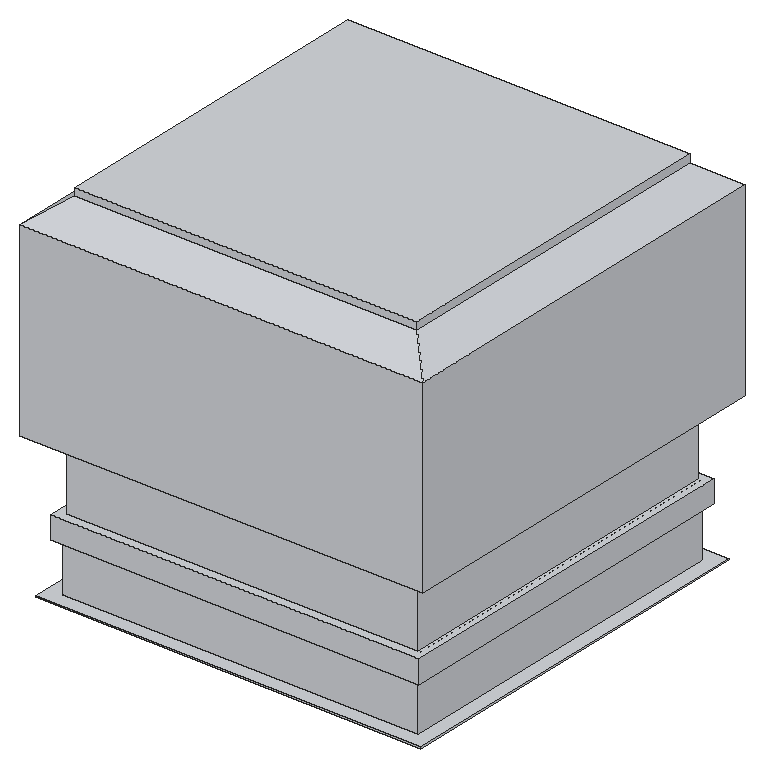
Revit family "ETS", category Mechanical Equipment, Revit 2019
Family settings
  Round Connector Dimension = Use Diameter
  Part Type = Normal
  Work Plane-Based = No
  Always vertical = Yes
  Cut with Voids When Loaded = No
  Shared = No
  Room Calculation Point = No
Parameters (values of type "36_ETS")
  Unit Weight [instance] = ""
  Sones [instance] = ""
  RO/2 = RO / 2  # 1' - 9 3/4"
  Motor RPM [instance] = ""
  Motor Enclosure [instance] = ""
  ModelID [instance] = ""
  LwA [instance] = ""
  CURB_HEIGHT [instance] = 0' - 9 1/2"
  CURB [instance] = yes
  C/2 = A_ / 2  # 2' - 2 3/8"
  D/2 = A__ / 2  # 2' - 2 3/8"
  RO = T_SQ - 0' 4 1/2"  # 3' - 7 1/2"
  T_SQ/2 = T_SQ / 2  # 2' - 0"
  Fan RPM [instance] = ""
  T_SQ = 4' - 0"
  Accessories [instance] = ""
  A_ = A__  # 4' - 4 3/4"
  A__ = 4' - 4 3/4"
  B/2 = C / 2  # 0' - 6 1/4"
  C = 1' - 0 1/2"
  Brake Hp [instance] = ""
  G/2 = G / 2  # 0' - 1 1/2"
  G-.125" = G - 0' 0 1/8"  # 0' - 2 7/8"
  B-G = C - G  # 0' - 9 1/2"
  A-B = B - C  # 2' - 4 3/4"
  G = 0' - 3"
  A/2 = B / 2  # 1' - 8 5/8"
  A-1.5" = B - 0' 1 1/2"  # 3' - 3 3/4"
  B = 3' - 5 1/4"
  4" = 0' - 4"  # constant formula
  2' = 2' - 0"
  2" = 0' - 2"  # constant formula
  1" = 0' - 1"  # constant formula
  0 = 0' - 0"  # constant formula
  Voltage [instance] = 0 V
  URL = "www.lorencook.com"
  Type Comments = "Tiered Filterd Supply Ventilator Roof Mounted/Belt Drive"  # constant formula
  Static Pressure [instance] = 0.00 in-wg
  Power [instance] = Voltage * Motor FLA * sqrt(if(Phase = 3, 3, 1))  # 0 VA
  Phase [instance] = 0
  Number of Poles [instance] = 1
  Motor Hp [instance] = "0"
  Motor FLA [instance] = 0 A
  Model = "ETS"  # constant formula
  Manufacturer = "Loren Cook Company"
  CFM [instance] = 0 CFM
  1.5 = 0' - 1 1/2"  # constant formula
  ONE EIGTH = 0' - 0 1/8"  # constant formula
  -D/2 = -A__ / 2  # -2' - 2 3/8"
  -(B/2) = -(C / 2)  # -0' - 6 1/4"
  -(A/2) = -(B / 2)  # -1' - 8 5/8"
  (T_SQ/2)-2" = (T_SQ / 2) - 0' 2"  # 1' - 10"
  (T_SQ/2)-1" = (T_SQ / 2) - 0' 1"  # 1' - 11"
  (T_SQ/2)+.125" = (T_SQ / 2) + 0' 0 1/8"  # 2' - 0 1/8"
  (A-B)/2 = (B - C) / 2  # 1' - 2 3/8"
Types (8): name | RO/2 | C/2 | D/2 | RO | T_SQ/2 | T_SQ | A_ | A__ | B/2 | C | B-G | A-B | A/2 | A-1.5" | B | -D/2 | -(B/2) | -(A/2) | (T_SQ/2)-2" | (T_SQ/2)-1" | (T_SQ/2)+.125" | (A-B)/2
  (no name) | 1' - 9 3/4" | 2' - 2 3/8" | 2' - 2 3/8" | 3' - 7 1/2" | 2' - 0" | 4' - 0" | 4' - 4 3/4" | 4' - 4 3/4" | 0' - 6 1/4" | 1' - 0 1/2" | 0' - 9 1/2" | 2' - 4 3/4" | 1' - 8 5/8" | 3' - 3 3/4" | 3' - 5 1/4" | -2' - 2 3/8" | -0' - 6 1/4" | -1' - 8 5/8" | 1' - 10" | 1' - 11" | 2' - 0 1/8" | 1' - 2 3/8"
  24_ETS | 1' - 3 3/4" | 1' - 8 3/8" | 1' - 8 3/8" | 2' - 7 1/2" | 1' - 6" | 3' - 0" | 3' - 4 3/4" | 3' - 4 3/4" | 0' - 6 1/4" | 1' - 0 1/2" | 0' - 9 1/2" | 1' - 9 3/4" | 1' - 5 1/8" | 2' - 8 3/4" | 2' - 10 1/4" | -1' - 8 3/8" | -0' - 6 1/4" | -1' - 5 1/8" | 1' - 4" | 1' - 5" | 1' - 6 1/8" | 0' - 10 7/8"
  30_ETS | 1' - 6 3/4" | 1' - 11 3/8" | 1' - 11 3/8" | 3' - 1 1/2" | 1' - 9" | 3' - 6" | 3' - 10 3/4" | 3' - 10 3/4" | 0' - 6 1/4" | 1' - 0 1/2" | 0' - 9 1/2" | 1' - 9 3/4" | 1' - 5 1/8" | 2' - 8 3/4" | 2' - 10 1/4" | -1' - 11 3/8" | -0' - 6 1/4" | -1' - 5 1/8" | 1' - 7" | 1' - 8" | 1' - 9 1/8" | 0' - 10 7/8"
  36_ETS | 1' - 9 3/4" | 2' - 2 3/8" | 2' - 2 3/8" | 3' - 7 1/2" | 2' - 0" | 4' - 0" | 4' - 4 3/4" | 4' - 4 3/4" | 0' - 6 1/4" | 1' - 0 1/2" | 0' - 9 1/2" | 2' - 4 3/4" | 1' - 8 5/8" | 3' - 3 3/4" | 3' - 5 1/4" | -2' - 2 3/8" | -0' - 6 1/4" | -1' - 8 5/8" | 1' - 10" | 1' - 11" | 2' - 0 1/8" | 1' - 2 3/8"
  42_ETS | 2' - 0 3/4" | 2' - 5 3/8" | 2' - 5 3/8" | 4' - 1 1/2" | 2' - 3" | 4' - 6" | 4' - 10 3/4" | 4' - 10 3/4" | 0' - 8 1/8" | 1' - 4 1/4" | 1' - 1 1/4" | 2' - 4 3/4" | 1' - 10 1/2" | 3' - 7 1/2" | 3' - 9" | -2' - 5 3/8" | -0' - 8 1/8" | -1' - 10 1/2" | 2' - 1" | 2' - 2" | 2' - 3 1/8" | 1' - 2 3/8"
  48_ETS | 2' - 3 3/4" | 2' - 8 3/8" | 2' - 8 3/8" | 4' - 7 1/2" | 2' - 6" | 5' - 0" | 5' - 4 3/4" | 5' - 4 3/4" | 0' - 8 1/8" | 1' - 4 1/4" | 1' - 1 1/4" | 2' - 11 3/4" | 2' - 2" | 4' - 2 1/2" | 4' - 4" | -2' - 8 3/8" | -0' - 8 1/8" | -2' - 2" | 2' - 4" | 2' - 5" | 2' - 6 1/8" | 1' - 5 7/8"
  54_ETS | 2' - 6 3/4" | 2' - 11 3/8" | 2' - 11 3/8" | 5' - 1 1/2" | 2' - 9" | 5' - 6" | 5' - 10 3/4" | 5' - 10 3/4" | 0' - 8 5/8" | 1' - 5 1/4" | 1' - 2 1/4" | 3' - 3 1/4" | 2' - 4 1/4" | 4' - 7" | 4' - 8 1/2" | -2' - 11 3/8" | -0' - 8 5/8" | -2' - 4 1/4" | 2' - 7" | 2' - 8" | 2' - 9 1/8" | 1' - 7 5/8"
  60_ETS | 2' - 9 3/4" | 3' - 2 3/8" | 3' - 2 3/8" | 5' - 7 1/2" | 3' - 0" | 6' - 0" | 6' - 4 3/4" | 6' - 4 3/4" | 0' - 8 5/8" | 1' - 5 1/4" | 1' - 2 1/4" | 3' - 10 1/4" | 2' - 7 3/4" | 5' - 2" | 5' - 3 1/2" | -3' - 2 3/8" | -0' - 8 5/8" | -2' - 7 3/4" | 2' - 10" | 2' - 11" | 3' - 0 1/8" | 1' - 11 1/8"
Reference planes (in)
  plane 1 "Center (Front/Back)": y = 0
  plane 2: z = 0
  plane 3 "Center (Left/Right)": x = 0.40541
Forms (in)
  Extrusion 1, solid
    sketch origin (0, 0, 0) x (1, 0, 0) y (0, 1, 0)
      loop
        line (-23.71959, 24.125) -> (-23.71959, -24.125) -> (24.53041, -24.125) -> (24.53041, 24.125) -> (-23.71959, 24.125)
    from 0 to 3 <- "G"
  Extrusion 2, void
    sketch origin (0, 0, 0) x (1, 0, 0) y (0, 1, 0)
      loop
        line (-23.59459, 24) -> (-23.59459, -24) -> (24.40541, -24) -> (24.40541, 24) -> (-23.59459, 24)
    from 0 to 2.875 <- "G-.125""
  Revolve 3, solid
    sketch origin (0, 0, 0) x (1, 0, 0) y (0, 0, 1)
      loop
        line (0.40541, 3) -> (22.40541, 3)
        arc (22.40541, 3) -> (17.65541, 7.75) -> (22.40541, 12.5) r 4.75
        line (22.40541, 12.5) -> (0.40541, 12.5) -> (0.40541, 3)
      axis (0.40541, 12.5) -> (0.40541, 3)
    angle from 0 to 360
  Extrusion 4, solid
    sketch origin (0, 0, 0) x (1, 0, 0) y (0, 0, 1)
      loop
        line (-25.96959, 12.5) -> (26.78041, 12.5) -> (26.78041, 41.25) -> (-25.96959, 41.25) -> (-25.96959, 12.5)
    from -26.375 <- "-D/2" to 26.375 <- "D/2"
  Extrusion 5, solid
    sketch origin (0, 0, 0) x (1, 0, 0) y (0, 1, 0)
      loop
        line (-22.59459, 23) -> (-22.59459, -23) -> (23.40541, -23) -> (23.40541, 23) -> (-22.59459, 23)
    from 3 <- "G" to 12.5 <- "C"
  Sweep 6, void
    path origin (0, 0, 0) x (1, 0, 0) y (0, 1, 0)
      loop
        line (-25.96959, 26.375) -> (-25.96959, -26.375) -> (26.78041, -26.375) -> (26.78041, 26.375) -> (-25.96959, 26.375)
    profile origin (0.40541, 26.375, 0) x (0, 1, 0) y (0, 0, 1)
      loop
        line (0, 41.25) -> (-4, 41.25) -> (-4, 40.25) -> (0, 37.25) -> (0, 41.25)
  Extrusion 7, solid, visible <- "CURB"
    sketch origin (0, 0, 2.875) x (0, 1, 0) y (1, 0, 0)
      loop
        line (-21.75, -21.34459) -> (21.75, -21.34459) -> (21.75, 22.15541) -> (-21.75, 22.15541) -> (-21.75, -21.34459)
      loop
        line (23.25, 23.65541) -> (-23.25, 23.65541) -> (-23.25, -22.84459) -> (23.25, -22.84459) -> (23.25, 23.65541)
    from 0 to 9.5 <- "CURB_HEIGHT"
  Extrusion 8, solid, visible <- "CURB"
    sketch origin (0, 0, -6.625) x (-1, 0, 0) y (0, 1, 0)
      loop
        line (22.84459, -23.25) -> (22.84459, 23.25) -> (-23.65541, 23.25) -> (-23.65541, -23.25) -> (22.84459, -23.25)
      loop
        line (-25.65541, 25.25) -> (-25.65541, -25.25) -> (24.84459, -25.25) -> (24.84459, 25.25) -> (-25.65541, 25.25)
    from 0 to -0.125
Cuts and joins
  Extrusion 2 cuts Extrusion 1
  Sweep 6 cuts Extrusion 4
Dimensions and locks (in)
  "(T_SQ/2)+.125"": Extrusion 1 sketch curve to plane 3 "Center (Left/Right)"
  "(T_SQ/2)+.125"": plane 3 "Center (Left/Right)" to Extrusion 1 sketch curve
  "(T_SQ/2)+.125"": plane 1 "Center (Front/Back)" to Extrusion 1 sketch curve
  "(T_SQ/2)+.125"": Extrusion 1 sketch curve to plane 1 "Center (Front/Back)"
  "T_SQ/2": Extrusion 2 sketch curve to plane 3 "Center (Left/Right)"
  "T_SQ/2": plane 3 "Center (Left/Right)" to Extrusion 2 sketch curve
  "T_SQ/2": plane 1 "Center (Front/Back)" to Extrusion 2 sketch curve
  "T_SQ/2": Extrusion 2 sketch curve to plane 1 "Center (Front/Back)"
  "B-G": Revolve 3 sketch curve to cut or joined group of Extrusion 1, Extrusion 2
  "(T_SQ/2)-2"": Revolve 3 sketch curve to plane 3 "Center (Left/Right)"
  "0": Revolve 3 sketch curve to plane 3 "Center (Left/Right)"  (x2)
  "0": Revolve 3 sketch curve to cut or joined group of Extrusion 1, Extrusion 2
  "B": Extrusion 4 sketch curve to level
  "0": Extrusion 4 sketch curve to Revolve 3
  "C/2": Extrusion 4 sketch curve to plane 3 "Center (Left/Right)"  (x2)
  "(T_SQ/2)-1"": Extrusion 5 sketch curve to plane 3 "Center (Left/Right)"
  "(T_SQ/2)-1"": plane 3 "Center (Left/Right)" to Extrusion 5 sketch curve
  "(T_SQ/2)-1"": plane 1 "Center (Front/Back)" to Extrusion 5 sketch curve
  "(T_SQ/2)-1"": Extrusion 5 sketch curve to plane 1 "Center (Front/Back)"
  "0": Sweep 6 sketch curve to Extrusion 4  (x4)
  "0": Extrusion 4 to Sweep 6 sketch curve  (x2)
  "4"": Extrusion 4 to Sweep 6 sketch curve  (x2)
  "1"": Extrusion 4 to Sweep 6 sketch curve
  "1.5": Extrusion 7 sketch curve to Extrusion 7 sketch curve  (x4)
  "RO/2": Extrusion 7 sketch curve to plane 1 "Center (Front/Back)"
  "RO/2": plane 1 "Center (Front/Back)" to Extrusion 7 sketch curve
  "RO/2": plane 3 "Center (Left/Right)" to Extrusion 7 sketch curve
  "RO/2": Extrusion 7 sketch curve to plane 3 "Center (Left/Right)"
  "2"": Extrusion 8 sketch curve to Extrusion 8 sketch curve  (x4)
  "0": Extrusion 8 sketch curve to Extrusion 7  (x3)
  "0": Extrusion 7 to Extrusion 8 sketch curve
Automatic sketch dimensions
  Revolve 3 sketch curve to level = 0' - 4"
  Revolve 3 sketch curve to Revolve 3 sketch curve = 0' - 0"
Connectors (in)
  hvac at (0.40541, 0, 2.875), driven by "RO", driven by "RO", driven by "CFM"
    settings: on cut or joined group of Extrusion 1, Extrusion 2, index 1, duct flow 0 CFM, flow factor 0, pres drop 0.00 in-wg, loss coef 0, conn angle 0.00°, conn width 43 1/2", conn height 43 1/2", conn diameter 24", duct sys type 1, conn prof type 1, flow config 0, flow direction 1, loss method 0, conn ref index -1, conn util no, is conn primary yes, conn desc ""
  electrical at (0.40541, 0, 2.875)
    settings: on cut or joined group of Extrusion 1, Extrusion 2, index 2, voltage 0 V, apparent load 0 VA, apparent load phase1 0 VA, apparent load phase2 0 VA, apparent load phase3 0 VA, power factor 1, load classification "Other", number of poles 1, system type 30, power factor state 1, is connector primary yes, connector utility no, sub classification motor no, connector description ""
